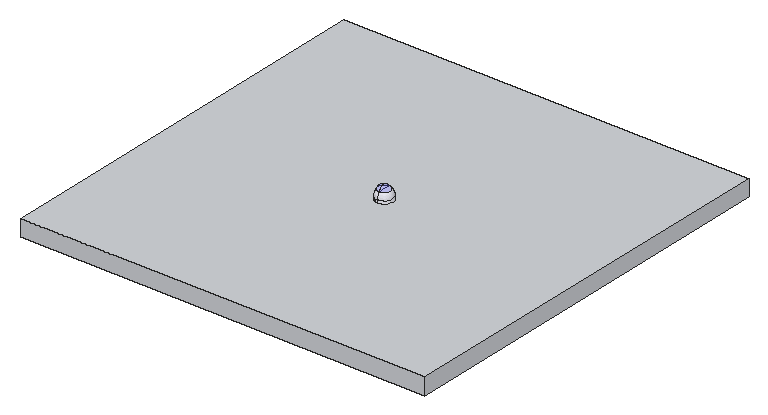
Revit family "BEG-92140", category Dispositifs d'éclairage, Revit 2015
Parameters
  Detection zone [instance] = yes
  Seat area [instance] = height position < 351 cm  # yes
  URL = "http://www.luxomat.com/en-92140"
  Type of output = "TOR"
  Ambiant temperature = "-25°C to +50°C"
  Ref = "92140"
  Relay = "10A"
  height position [instance] = 250 cm
  direct Range [instance] = height position * 3.2  # 800 cm
  transversal Range [instance] = height position * 9.6  # 2400 cm
  Modèle = "PD4/M 2C-SM surface mounting"
  Installation type = "Ceiling"
  Brand = "LUXOMAT"
  Image du type = 92580.jpg
  IP = "54"
  Mounting height max = Installation height max  # 350 cm
  Installation height max = 350 cm
  Fabricant = "B.E.G"
  Label [instance] = yes
  Default Elevation = 0 cm
  Consumption = "0,54W"
  Commentaires du type = "Occupancy detector PD4/M 2C-SM surface mounting"
  Code d'assemblage = "D5010200"
  Class = "2"
  Switching power LED = "300W"
  Switching power Cos ɸ =1 = "2300W"
  Switching power Cos ɸ =0.5 = "1150VA"
  Power voltage = "110-240 V AC"
  seated activity [instance] = height position * 2.56  # 640 cm
Reference planes (cm)
  plane 1 "Centre (avant/arrière)": y = 0
  plane 2: z = 0
  plane 3 "Centre (gauche/droite)": x = 0
Forms (cm)
  Extrusion 1, solid
    sketch origin (0, 0, 0) x (1, 0, 0) y (0, 1, 0)
      loop
        line (-121.92, 121.92) -> (-121.92, -121.92) -> (121.92, -121.92) -> (121.92, 121.92) -> (-121.92, 121.92)
    from 0 to -10
Dimensions and locks (cm)
  aligned and locked: plane 2 to Extrusion 1
  aligned and locked: level to Extrusion 1
  aligned and locked: nested 2 to plane 2
Nested families (cm)
  nested 1: "Famille1" at (0, -72.6659, 0) x (-1, 0, 0) z (0, 0, 1), reference <- "Ref", modele <- "Modèle", visible <- "Label", type "Famille1"
    with reference "92140", modele "PD4/M 2C-SM surface mounting"
  nested 2: "M14" at (0, 0, 0), type "Standard"
  nested 3: "zone H" at (0, 0, 0) x (-1, 0, 0) z (0, 0, 1), visible <- "Detection zone", Zone assise <- "Seat area", activité assise <- "seated activity", frontal <- "direct Range", biais <- "transversal Range", type "zone H"
    with position 2 320 cm, position 1 960 cm, frontal 800 cm, biais 2400 cm, activité assise 640 cm, Zone assise yes
  nested 4: "Plafond 360° 2D" at (0, 0, 0), type "Plafond 360° 2D"
Connectors (cm)
  electrical at (0, 0, 0)
    settings: on nested 2, index 1, voltage 240 V, apparent load 0 VA, apparent load phase1 0 VA, apparent load phase2 0 VA, apparent load phase3 0 VA, power factor 1, load classification "Eclairage", number of poles 1, system type 31, power factor state 1, is connector primary yes, connector utility no, sub classification motor no, connector description ""
Definition of nested family "M14"
  Reference planes (cm)
    plane 1 "Centre (avant/arrière)": y = 0
    plane 2: z = 0
    plane 3 "Centre (gauche/droite)": x = 0
    plane 4: x = 0
  Forms (cm)
    Revolve 1, solid
      sketch origin (0, 0, 0) x (0, -1, 0) y (0, 0, 1)
        loop
          line (0, 0) -> (0, 5) -> (-3.8, 5)
          arc (-3.8, 5) -> (-4.577, 3.2225) -> (-4.8363, 1.3) r 7
          line (-4.8363, 1.3) -> (-4.9363, 1.3) -> (-5.05, 0) -> (0, 0)
        axis (0, 0) -> (0, 5)
      angle from 0 to 360
    Revolve 2, solid
      sketch origin (0, 0, 0) x (0, -1, 0) y (0, 0, 1)
        loop
          arc (0, 7.6) -> (-2.2816, 6.8864) -> (-3.75, 5) r 4.0043
          line (-3.75, 5) -> (0, 5) -> (0, 7.6)
        axis (0, 5) -> (0, 7.6)
      angle from 0 to 360
  Lines and regions (cm)
    reference lines
      curve 1: line (0, 0, 0) -> (0, 0, 7.6)
      curve 2: line (0, 0, 5) -> (0, 3.8, 5)
      curve 3: arc (0, 3.8, 5) -> (0, 4.577, 3.2225) -> (0, 4.8363, 1.3) r 7
      curve 4: line (0, 4.9363, 1.3) -> (0, 4.8363, 1.3)
      curve 5: line (0, 5.05, 0) -> (0, 4.9363, 1.3)
      curve 6: line (0, 0, 0) -> (0, 5.05, 0)
      curve 7: arc (0, 0, 7.6) -> (0, 2.2816, 6.8864) -> (0, 3.75, 5) r 4.0043
      curve 8: line (0, 3.75, 5) -> (0, 0, 5)
      curve 9: line (0, 0, 7.6) -> (0, 0, 5)
      curve 10: line (0, 0, 0) -> (0, 0, 7.6)
  Dimensions and locks (cm)
    aligned and locked: level to plane 2
    aligned and locked: Revolve 1 sketch curve to curve 1  (x2)
    aligned and locked: Revolve 1 sketch curve to curve 2
    aligned and locked: Revolve 1 sketch curve to curve 3
    aligned and locked: Revolve 1 sketch curve to curve 4
    aligned and locked: Revolve 1 sketch curve to curve 5
    aligned and locked: Revolve 1 sketch curve to curve 6
    aligned and locked: Revolve 2 sketch curve to curve 7
    aligned and locked: Revolve 2 sketch curve to curve 8
    aligned and locked: Revolve 2 sketch curve to curve 9
    aligned and locked: Revolve 2 sketch curve to curve 10
Definition of nested family "Famille1"
  Parameters (values of type "Famille1")
    reference [instance] = ""
    modele [instance] = ""
  Reference planes (cm)
    plane 1: y = 0
    plane 2: x = 0
  Text (cm)
    label "reference\n\nmodele" at (0.0074, 0.0451, 0), shows "reference", "modele"
Definition of nested family "zone H"
  Parameters (values of type "zone H")
    position 2 [instance] = (frontal / 2) * 0.8  # 320 cm
    position 1 [instance] = (biais / 2) * 0.8  # 960 cm
    frontal [instance] = 800 cm
    biais [instance] = 2400 cm
    activité assise [instance] = 640 cm
    Zone assise [instance] = yes
  Reference planes (cm)
    plane 1 "Centre (avant/arrière)": y = 0
    plane 2: z = 0
    plane 3 "Centre (gauche/droite)": x = 0
    plane 4: x = -960
    plane 5: y = -320
  Lines and regions (cm)
    detail lines, in view "Niveau de réf.", visible <- "Zone assise"
      curve 1: circle (0, 0, 0) r 320 normal (0, 0, 1)
      curve 4: spline (-105.2767, 3.2118, 0) -> (-104.9106, 3.0586, 0) -> (-103.8375, 2.9158, 0) -> (-102.1303, 2.7932, 0) -> (-99.9055, 2.6991, 0) -> (-97.3146, 2.6399, 0) -> (-94.5343, 2.6198, 0) -> (-91.7539, 2.6399, 0) -> (-89.163, 2.6991, 0) -> (-86.9382, 2.7932, 0) -> (-85.231, 2.9158, 0) -> (-84.1579, 3.0586, 0) -> (-83.7918, 3.2118, 0) -> (-84.1579, 3.365, 0) -> (-85.231, 3.5078, 0) -> (-86.9382, 3.6305, 0) -> (-89.163, 3.7245, 0) -> (-91.7539, 3.7837, 0) -> (-94.5343, 3.8039, 0) -> (-97.3146, 3.7837, 0) -> (-99.9055, 3.7245, 0) -> (-102.1303, 3.6305, 0) -> (-103.8375, 3.5078, 0) -> (-104.9106, 3.365, 0) -> (-105.2767, 3.2118, 0)
      curve 5: line (-105.2767, 3.2118, 0) -> (-103.7271, 3.5181, 0)
      curve 6: arc (-102.6495, -16.5888, 0) -> (-107.2915, -17.186, 0) -> (-111.6311, -18.9388, 0) r 18.3388
      curve 7: arc (-111.6311, -18.9388, 0) -> (-111.6982, -19.0046, 0) -> (-111.7229, -19.0953, 0) r 0.1799
      curve 8: arc (-102.4571, -17.1805, 0) -> (-106.7473, -17.5804, 0) -> (-110.8538, -18.8852, 0) r 20.1051
      curve 9: arc (-110.8538, -18.8852, 0) -> (-111.0396, -18.979, 0) -> (-111.2122, -19.0953, 0) r 1.6679
      curve 10: circle (-111.4676, -19.8292, 0) r 0.5096 normal (0, 0, 1)
      curve 11: arc (-110.898, -19.8292, 0) -> (-111.4676, -19.2597, 0) -> (-112.0372, -19.8292, 0) r 0.5696
      curve 12: arc (-110.838, -19.8292, 0) -> (-111.4676, -19.1997, 0) -> (-112.0972, -19.8292, 0) r 0.6296
      curve 13: arc (-86.4191, -16.5888, 0) -> (-81.7771, -17.186, 0) -> (-77.4374, -18.9388, 0) r 18.3388
      curve 14: arc (-77.4374, -18.9388, 0) -> (-77.3704, -19.0046, 0) -> (-77.3456, -19.0953, 0) r 0.1799
      curve 15: arc (-86.6114, -17.1805, 0) -> (-82.3212, -17.5804, 0) -> (-78.2147, -18.8852, 0) r 20.1051
      curve 16: arc (-78.2147, -18.8852, 0) -> (-78.0289, -18.979, 0) -> (-77.8563, -19.0953, 0) r 1.6679
      curve 17: circle (-77.6009, -19.8292, 0) r 0.5096 normal (0, 0, 1)
      curve 18: arc (-77.0314, -19.8292, 0) -> (-77.6009, -19.2597, 0) -> (-78.1705, -19.8292, 0) r 0.5696
      curve 19: arc (-76.9714, -19.8292, 0) -> (-77.6009, -19.1997, 0) -> (-78.2305, -19.8292, 0) r 0.6296
      curve 20: arc (-95.2593, -16.5888, 0) -> (-98.9871, -17.441, 0) -> (-102.5056, -18.9388, 0) r 21.5424
      curve 21: arc (-102.5056, -18.9388, 0) -> (-102.5726, -19.0046, 0) -> (-102.5974, -19.0953, 0) r 0.1799
      curve 22: arc (-95.2593, -17.1805, 0) -> (-98.5536, -17.8061, 0) -> (-101.7283, -18.8852, 0) r 23.9713
      curve 23: arc (-101.7283, -18.8852, 0) -> (-101.911, -18.9772, 0) -> (-102.081, -19.0909, 0) r 1.6679
      curve 24: arc (-95.0229, -17.1805, 0) -> (-98.2689, -17.8294, 0) -> (-101.4063, -18.8852, 0) r 26.0219
      curve 25: arc (-101.4063, -18.8852, 0) -> (-101.592, -18.979, 0) -> (-101.7647, -19.0953, 0) r 1.6679
      curve 26: circle (-102.181, -19.8292, 0) r 0.5096 normal (0, 0, 1)
      curve 27: arc (-101.6114, -19.8292, 0) -> (-102.181, -19.2597, 0) -> (-102.7506, -19.8292, 0) r 0.5696
      curve 28: arc (-101.5514, -19.8292, 0) -> (-102.181, -19.1997, 0) -> (-102.8106, -19.8292, 0) r 0.6296
      curve 29: arc (-93.8092, -16.5888, 0) -> (-90.0814, -17.441, 0) -> (-86.5629, -18.9388, 0) r 21.5424
      curve 30: arc (-86.5629, -18.9388, 0) -> (-86.4959, -19.0046, 0) -> (-86.4711, -19.0953, 0) r 0.1799
      curve 31: arc (-93.8092, -17.1805, 0) -> (-90.5149, -17.8061, 0) -> (-87.3402, -18.8852, 0) r 23.9713
      curve 32: arc (-87.3402, -18.8852, 0) -> (-87.1544, -18.979, 0) -> (-86.9818, -19.0953, 0) r 1.6679
      curve 33: arc (-94.0457, -17.1805, 0) -> (-90.7996, -17.8294, 0) -> (-87.6622, -18.8852, 0) r 26.0219
      curve 34: arc (-87.6622, -18.8852, 0) -> (-87.4765, -18.979, 0) -> (-87.3039, -19.0953, 0) r 1.6679
      curve 35: circle (-86.8875, -19.8292, 0) r 0.5096 normal (0, 0, 1)
      curve 36: arc (-86.3179, -19.8292, 0) -> (-86.8875, -19.2597, 0) -> (-87.4571, -19.8292, 0) r 0.5696
      curve 37: arc (-86.2579, -19.8292, 0) -> (-86.8875, -19.1997, 0) -> (-87.5171, -19.8292, 0) r 0.6296
      curve 38: arc (-103.0079, 8.8705, 0) -> (-101.8776, 5.8173, 0) -> (-98.8653, 4.5819, 0) r 4.0512
      curve 39: arc (-83.7186, 4.2269, 0) -> (-82.9538, 3.7817, 0) -> (-82.7946, 2.9112, 0) r 1.0582
      curve 40: arc (-82.7946, 2.9112, 0) -> (-84.0889, -6.227, 0) -> (-84.0703, -15.4564, 0) r 64.7189
      curve 41: arc (-84.0703, -15.4564, 0) -> (-83.933, -16.0031, 0) -> (-83.4527, -16.2981, 0) r 0.7467
      curve 42: arc (-83.4527, -16.2981, 0) -> (-80.3714, -16.8717, 0) -> (-77.238, -16.9405, 0) r 19.3577
      curve 43: arc (-77.238, -16.9405, 0) -> (-77.6363, -16.4391, 0) -> (-78.2461, -16.244, 0) r 1.1013
      curve 44: arc (-78.2461, -16.244, 0) -> (-80.4274, -15.8096, 0) -> (-82.5587, -15.1742, 0) r 23.8747
      curve 45: arc (-82.5587, -15.1742, 0) -> (-81.6045, -6.5488, 0) -> (-80.848, 2.0961, 0) r 379.1961
      curve 46: arc (-80.848, 2.0961, 0) -> (-81.0708, 4.8418, 0) -> (-83.0581, 6.7494, 0) r 3.8846
      curve 47: arc (-83.0581, 6.7494, 0) -> (-89.2141, 8.8147, 0) -> (-95.6542, 9.6431, 0) r 33.2193
      curve 48: arc (-95.6542, 9.6431, 0) -> (-94.8516, 17.305, 0) -> (-94.8609, 25.0089, 0) r 72.9952
      curve 49: arc (-95.1116, 28.28, 0) -> (-95.2196, 29.2958, 0) -> (-95.3418, 30.31, 0) r 72.9952
      curve 50: arc (-98.1747, 30.0752, 0) -> (-100.3426, 29.2913, 0) -> (-99.4886, 27.1501, 0) r 1.6042
      curve 51: arc (-95.3418, 30.31, 0) -> (-98.7298, 32.2574, 0) -> (-102.1179, 30.31, 0) r 3.9209
      curve 52: arc (-68.8418, 20.3177, 0) -> (-68.8537, 20.2265, 0) -> (-68.9411, 20.2549, 0) r 0.0597
      curve 53: arc (-70.9776, 20.5408, 0) -> (-70.9496, 20.3832, 0) -> (-71.1082, 20.3621, 0) r 0.1108
      curve 54: spline (-98.8908, 41.6409, 0) -> (-97.9793, 41.5103, 0) -> (-97.1229, 41.0855, 0) -> (-96.38, 40.3954, 0) -> (-95.8012, 39.4871, 0) -> (-95.426, 38.4224, 0) -> (-95.2799, 37.274, 0) -> (-95.3728, 36.12, 0) -> (-95.6985, 35.0392, 0) -> (-96.2348, 34.1051, 0) -> (-96.945, 33.3815, 0) -> (-97.7809, 32.9176, 0) -> (-98.6854, 32.7451, 0) -> (-99.5969, 32.8757, 0) -> (-100.4532, 33.3005, 0) -> (-101.1961, 33.9906, 0) -> (-101.7749, 34.8989, 0) -> (-102.1502, 35.9636, 0) -> (-102.2963, 37.112, 0) -> (-102.2033, 38.266, 0) -> (-101.8776, 39.3468, 0) -> (-101.3414, 40.2809, 0) -> (-100.6311, 41.0045, 0) -> (-99.7953, 41.4684, 0) -> (-98.8908, 41.6409, 0)
      curve 55: line (-74.1608, -20.3388, 0) -> (-33.3759, -20.3388, 0)
      curve 56: line (-33.3759, -20.3388, 0) -> (-33.3759, 18.6681, 0)
      curve 57: line (-33.3759, 18.6681, 0) -> (-74.1608, 18.6681, 0)
      curve 58: line (-74.1608, 18.6681, 0) -> (-74.1608, -20.3388, 0)
      curve 59: line (-74.1608, -20.3388, 0) -> (-120.7181, -20.3388, 0)
      curve 60: line (-80.1025, 18.6681, 0) -> (-27.4342, 18.6681, 0)
      curve 61: line (-27.4342, 18.6681, 0) -> (-27.4342, 20.1345, 0)
      curve 62: line (-27.4342, 20.1345, 0) -> (-80.1025, 20.1345, 0)
      curve 63: line (-80.1025, 20.1345, 0) -> (-80.1025, 18.6681, 0)
      curve 64: line (-95.5223, 2.6198, 0) -> (-93.5462, 2.6198, 0)
      curve 65: line (-93.5462, 2.6198, 0) -> (-93.5462, -16.5888, 0)
      curve 66: line (-93.5462, -16.5888, 0) -> (-95.5223, -16.5888, 0)
      curve 67: line (-95.5223, -16.5888, 0) -> (-95.5223, 2.6198, 0)
      curve 68: line (-95.5223, -16.5888, 0) -> (-102.6495, -16.5888, 0)
      curve 69: line (-111.7229, -19.0953, 0) -> (-111.2122, -19.0953, 0)
      curve 70: line (-93.8092, -16.5888, 0) -> (-94.0457, -17.1805, 0)
      curve 71: line (-94.0457, -17.1805, 0) -> (-93.8092, -17.1805, 0)
      curve 72: line (-93.8092, -17.1805, 0) -> (-94.5343, -17.1805, 0)
      curve 73: line (-94.5343, -17.1805, 0) -> (-95.2593, -17.1805, 0)
      curve 74: line (-95.2593, -17.1805, 0) -> (-95.0229, -17.1805, 0)
      curve 75: line (-95.0229, -17.1805, 0) -> (-95.2593, -16.5888, 0)
      curve 76: line (-98.1226, -17.1805, 0) -> (-102.4571, -17.1805, 0)
      curve 77: line (-112.0372, -19.8292, 0) -> (-112.0972, -19.8292, 0)
      curve 78: line (-110.898, -19.8292, 0) -> (-110.838, -19.8292, 0)
      curve 79: line (-111.3676, -19.2076, 0) -> (-111.3676, -19.0953, 0)
      curve 80: line (-111.5676, -19.2076, 0) -> (-111.5676, -19.0953, 0)
      curve 81: line (-93.5462, -16.5888, 0) -> (-86.4191, -16.5888, 0)
      curve 82: line (-77.3456, -19.0953, 0) -> (-77.8563, -19.0953, 0)
      curve 83: line (-90.9459, -17.1805, 0) -> (-86.6114, -17.1805, 0)
      curve 84: line (-77.0314, -19.8292, 0) -> (-76.9714, -19.8292, 0)
      curve 85: line (-78.1705, -19.8292, 0) -> (-78.2305, -19.8292, 0)
      curve 86: line (-77.7009, -19.2076, 0) -> (-77.7009, -19.0953, 0)
      curve 87: line (-77.5009, -19.2076, 0) -> (-77.5009, -19.0953, 0)
      curve 88: line (-102.5974, -19.0953, 0) -> (-101.7647, -19.0953, 0)
      curve 89: line (-102.7506, -19.8292, 0) -> (-102.8106, -19.8292, 0)
      curve 90: line (-101.6114, -19.8292, 0) -> (-101.5514, -19.8292, 0)
      curve 91: line (-102.081, -19.2076, 0) -> (-102.081, -19.0909, 0)
      curve 92: line (-102.281, -19.2076, 0) -> (-102.281, -19.0953, 0)
      curve 93: line (-86.4711, -19.0953, 0) -> (-87.3039, -19.0953, 0)
      curve 94: line (-86.3179, -19.8292, 0) -> (-86.2579, -19.8292, 0)
      curve 95: line (-87.4571, -19.8292, 0) -> (-87.5171, -19.8292, 0)
      curve 96: line (-86.9875, -19.2076, 0) -> (-86.9875, -19.0953, 0)
      curve 97: line (-86.7875, -19.2076, 0) -> (-86.7875, -19.0953, 0)
      curve 98: line (-98.8653, 4.5819, 0) -> (-83.7186, 4.2269, 0)
      curve 99: line (-103.0079, 8.8705, 0) -> (-102.1179, 30.31, 0)
      curve 100: line (-98.1747, 30.0752, 0) -> (-85.3255, 22.5448, 0)
      curve 101: line (-85.3255, 22.5448, 0) -> (-74.2929, 21.667, 0)
      curve 102: line (-74.2929, 21.667, 0) -> (-71.6033, 21.7219, 0)
      curve 103: line (-71.6033, 21.7219, 0) -> (-69.7371, 21.2829, 0)
      curve 104: line (-69.7371, 21.2829, 0) -> (-68.8418, 20.3177, 0)
      curve 105: line (-68.9411, 20.2549, 0) -> (-69.7808, 21.0896, 0)
      curve 106: line (-69.7808, 21.0896, 0) -> (-71.6115, 21.2989, 0)
      curve 107: line (-71.6115, 21.2989, 0) -> (-72.0159, 21.0248, 0)
      curve 108: line (-72.0159, 21.0248, 0) -> (-70.9776, 20.5408, 0)
      curve 109: line (-71.1082, 20.3621, 0) -> (-72.6656, 20.8949, 0)
      curve 110: line (-72.6656, 20.8949, 0) -> (-74.496, 20.6558, 0)
      curve 111: line (-74.496, 20.6558, 0) -> (-86.0144, 20.9158, 0)
      curve 112: line (-86.0144, 20.9158, 0) -> (-99.4886, 27.1501, 0)
      curve 113: line (-99.8644, 32.9741, 0) -> (-99.9944, 32.0479, 0)
      curve 114: line (-97.5142, 33.0301, 0) -> (-97.3718, 32.0147, 0)
      curve 115: line (-33.3759, -20.3388, 0) -> (-21.8014, -20.3388, 0)
    detail lines, in view "Niveau de réf."
      curve 2: circle (0, 0, 0) r 400 normal (0, 0, 1)
      curve 3: circle (0, 0, 0) r 1200 normal (0, 0, 1)
      curve 116: spline (2.3068, -347.7265, 0) -> (4.0856, -347.3949, 0) -> (5.7432, -346.4226, 0) -> (7.1667, -344.876, 0) -> (8.2589, -342.8603, 0) -> (8.9455, -340.5131, 0) -> (9.1797, -337.9942, 0) -> (8.9455, -335.4753, 0) -> (8.2589, -333.1281, 0) -> (7.1667, -331.1125, 0) -> (5.7432, -329.5658, 0) -> (4.0856, -328.5936, 0) -> (2.3068, -328.262, 0) -> (0.5279, -328.5936, 0) -> (-1.1297, -329.5658, 0) -> (-2.5531, -331.1125, 0) -> (-3.6453, -333.1281, 0) -> (-4.3319, -335.4753, 0) -> (-4.5661, -337.9942, 0) -> (-4.3319, -340.5131, 0) -> (-3.6453, -342.8603, 0) -> (-2.5531, -344.876, 0) -> (-1.1297, -346.4226, 0) -> (0.5279, -347.3949, 0) -> (2.3068, -347.7265, 0)
      curve 117: line (-4.7649, -335.0929, 0) -> (0.5136, -347.9212, 0)
      curve 118: line (3.5648, -348.0775, 0) -> (9.2455, -334.5266, 0)
      curve 119: line (-0.3759, -328.4588, 0) -> (-3.0011, -330.8806, 0)
      curve 120: line (3.5053, -348.5045, 0) -> (6.62, -348.3756, 0)
      curve 121: line (1.7304, -348.3525, 0) -> (3.5053, -348.5045, 0)
      curve 122: line (-4.7649, -335.0929, 0) -> (0.5136, -347.9212, 0)
      curve 123: line (-21.1936, -335.3894, 0) -> (-24.4202, -337.3623, 0)
      curve 124: line (-21.1936, -335.3894, 0) -> (-24.4202, -337.3623, 0)
      curve 125: line (-0.3759, -328.4588, 0) -> (-3.0011, -330.8806, 0)
      curve 126: line (1.7304, -348.3525, 0) -> (6.62, -348.3756, 0)
      curve 127: line (3.5648, -348.0775, 0) -> (9.2455, -334.5266, 0)
      curve 128: line (0, -320, 0) -> (0, -289.0788, 0)
      curve 129: line (0, -289.0788, 0) -> (0, -280.7814, 0)
      curve 130: spline (-957.6932, -27.7265, 0) -> (-955.9144, -27.3949, 0) -> (-954.2568, -26.4226, 0) -> (-952.8333, -24.876, 0) -> (-951.7411, -22.8603, 0) -> (-951.0545, -20.5131, 0) -> (-950.8203, -17.9942, 0) -> (-951.0545, -15.4753, 0) -> (-951.7411, -13.1281, 0) -> (-952.8333, -11.1125, 0) -> (-954.2568, -9.5658, 0) -> (-955.9144, -8.5936, 0) -> (-957.6932, -8.262, 0) -> (-959.4721, -8.5936, 0) -> (-961.1297, -9.5658, 0) -> (-962.5531, -11.1125, 0) -> (-963.6453, -13.1281, 0) -> (-964.3319, -15.4753, 0) -> (-964.5661, -17.9942, 0) -> (-964.3319, -20.5131, 0) -> (-963.6453, -22.8603, 0) -> (-962.5531, -24.876, 0) -> (-961.1297, -26.4226, 0) -> (-959.4721, -27.3949, 0) -> (-957.6932, -27.7265, 0)
      curve 131: line (-964.7649, -15.0929, 0) -> (-959.4864, -27.9212, 0)
      curve 132: line (-956.4352, -28.0775, 0) -> (-950.7545, -14.5266, 0)
      curve 133: line (-960.3759, -8.4588, 0) -> (-963.0011, -10.8806, 0)
      curve 134: line (-956.4947, -28.5045, 0) -> (-953.38, -28.3756, 0)
      curve 135: line (-958.2696, -28.3525, 0) -> (-956.4947, -28.5045, 0)
      curve 136: line (-964.7649, -15.0929, 0) -> (-959.4864, -27.9212, 0)
      curve 137: line (-981.1936, -15.3894, 0) -> (-984.4202, -17.3623, 0)
      curve 138: line (-981.1936, -15.3894, 0) -> (-984.4202, -17.3623, 0)
      curve 139: line (-960.3759, -8.4588, 0) -> (-963.0011, -10.8806, 0)
      curve 140: line (-958.2696, -28.3525, 0) -> (-953.38, -28.3756, 0)
      curve 141: line (-956.4352, -28.0775, 0) -> (-950.7545, -14.5266, 0)
      curve 142: line (-960, 0, 0) -> (-960, 30.9212, 0)
      curve 143: line (-960, 30.9212, 0) -> (-960, 39.2186, 0)
    detail lines, in view "Niveau de réf.", visible <- "Zone assise", not visible
      curve 144: spline (925.976, -22.5654, 0) -> (926.342, -22.7186, 0) -> (927.4152, -22.8614, 0) -> (929.1224, -22.984, 0) -> (931.3472, -23.0781, 0) -> (933.938, -23.1373, 0) -> (936.7184, -23.1574, 0) -> (939.4987, -23.1373, 0) -> (942.0896, -23.0781, 0) -> (944.3144, -22.984, 0) -> (946.0216, -22.8614, 0) -> (947.0948, -22.7186, 0) -> (947.4608, -22.5654, 0) -> (947.0948, -22.4122, 0) -> (946.0216, -22.2694, 0) -> (944.3144, -22.1467, 0) -> (942.0896, -22.0527, 0) -> (939.4987, -21.9935, 0) -> (936.7184, -21.9733, 0) -> (933.938, -21.9935, 0) -> (931.3472, -22.0527, 0) -> (929.1224, -22.1467, 0) -> (927.4152, -22.2694, 0) -> (926.342, -22.4122, 0) -> (925.976, -22.5654, 0)
      curve 145: line (925.976, -22.5654, 0) -> (927.5256, -22.2591, 0)
      curve 146: arc (928.6032, -42.366, 0) -> (923.9612, -42.9632, 0) -> (919.6215, -44.716, 0) r 18.3388
      curve 147: arc (919.6215, -44.716, 0) -> (919.5545, -44.7818, 0) -> (919.5297, -44.8725, 0) r 0.1799
      curve 148: arc (928.7956, -42.9577, 0) -> (924.5053, -43.3576, 0) -> (920.3988, -44.6624, 0) r 20.1051
      curve 149: arc (920.3988, -44.6624, 0) -> (920.213, -44.7562, 0) -> (920.0404, -44.8725, 0) r 1.6679
      curve 150: circle (919.7851, -45.6065, 0) r 0.5096 normal (0, 0, 1)
      curve 151: arc (920.3547, -45.6065, 0) -> (919.7851, -45.0369, 0) -> (919.2155, -45.6065, 0) r 0.5696
      curve 152: arc (920.4147, -45.6065, 0) -> (919.7851, -44.9769, 0) -> (919.1555, -45.6065, 0) r 0.6296
      curve 153: arc (944.8336, -42.366, 0) -> (949.4756, -42.9632, 0) -> (953.8152, -44.716, 0) r 18.3388
      curve 154: arc (953.8152, -44.716, 0) -> (953.8823, -44.7818, 0) -> (953.907, -44.8725, 0) r 0.1799
      curve 155: arc (944.6412, -42.9577, 0) -> (948.9315, -43.3576, 0) -> (953.038, -44.6624, 0) r 20.1051
      curve 156: arc (953.038, -44.6624, 0) -> (953.2237, -44.7562, 0) -> (953.3964, -44.8725, 0) r 1.6679
      curve 157: circle (953.6517, -45.6065, 0) r 0.5096 normal (0, 0, 1)
      curve 158: arc (954.2213, -45.6065, 0) -> (953.6517, -45.0369, 0) -> (953.0821, -45.6065, 0) r 0.5696
      curve 159: arc (954.2813, -45.6065, 0) -> (953.6517, -44.9769, 0) -> (953.0221, -45.6065, 0) r 0.6296
      curve 160: arc (935.9933, -42.366, 0) -> (932.2655, -43.2182, 0) -> (928.7471, -44.716, 0) r 21.5424
      curve 161: arc (928.7471, -44.716, 0) -> (928.68, -44.7818, 0) -> (928.6553, -44.8725, 0) r 0.1799
      curve 162: arc (935.9933, -42.9577, 0) -> (932.6991, -43.5833, 0) -> (929.5243, -44.6624, 0) r 23.9713
      curve 163: arc (929.5243, -44.6624, 0) -> (929.3417, -44.7544, 0) -> (929.1716, -44.8681, 0) r 1.6679
      curve 164: arc (936.2298, -42.9577, 0) -> (932.9838, -43.6066, 0) -> (929.8464, -44.6624, 0) r 26.0219
      curve 165: arc (929.8464, -44.6624, 0) -> (929.6606, -44.7562, 0) -> (929.488, -44.8725, 0) r 1.6679
      curve 166: circle (929.0716, -45.6065, 0) r 0.5096 normal (0, 0, 1)
      curve 167: arc (929.6412, -45.6065, 0) -> (929.0716, -45.0369, 0) -> (928.502, -45.6065, 0) r 0.5696
      curve 168: arc (929.7012, -45.6065, 0) -> (929.0716, -44.9769, 0) -> (928.442, -45.6065, 0) r 0.6296
      curve 169: arc (937.4435, -42.366, 0) -> (941.1713, -43.2182, 0) -> (944.6897, -44.716, 0) r 21.5424
      curve 170: arc (944.6897, -44.716, 0) -> (944.7568, -44.7818, 0) -> (944.7815, -44.8725, 0) r 0.1799
      curve 171: arc (937.4435, -42.9577, 0) -> (940.7377, -43.5833, 0) -> (943.9124, -44.6624, 0) r 23.9713
      curve 172: arc (943.9124, -44.6624, 0) -> (944.0982, -44.7562, 0) -> (944.2708, -44.8725, 0) r 1.6679
      curve 173: arc (937.207, -42.9577, 0) -> (940.453, -43.6066, 0) -> (943.5904, -44.6624, 0) r 26.0219
      curve 174: arc (943.5904, -44.6624, 0) -> (943.7762, -44.7562, 0) -> (943.9488, -44.8725, 0) r 1.6679
      curve 175: circle (944.3651, -45.6065, 0) r 0.5096 normal (0, 0, 1)
      curve 176: arc (944.9347, -45.6065, 0) -> (944.3651, -45.0369, 0) -> (943.7956, -45.6065, 0) r 0.5696
      curve 177: arc (944.9947, -45.6065, 0) -> (944.3651, -44.9769, 0) -> (943.7356, -45.6065, 0) r 0.6296
      curve 178: arc (928.2447, -16.9067, 0) -> (929.3751, -19.9599, 0) -> (932.3873, -21.1953, 0) r 4.0512
      curve 179: arc (947.5341, -21.5503, 0) -> (948.2989, -21.9955, 0) -> (948.4581, -22.866, 0) r 1.0582
      curve 180: arc (948.4581, -22.866, 0) -> (947.1637, -32.0042, 0) -> (947.1824, -41.2336, 0) r 64.7189
      curve 181: arc (947.1824, -41.2336, 0) -> (947.3196, -41.7803, 0) -> (947.8, -42.0753, 0) r 0.7467
      curve 182: arc (947.8, -42.0753, 0) -> (950.8812, -42.6489, 0) -> (954.0146, -42.7177, 0) r 19.3577
      curve 183: arc (954.0146, -42.7177, 0) -> (953.6164, -42.2163, 0) -> (953.0065, -42.0212, 0) r 1.1013
      curve 184: arc (953.0065, -42.0212, 0) -> (950.8253, -41.5868, 0) -> (948.6939, -40.9514, 0) r 23.8747
      curve 185: arc (948.6939, -40.9514, 0) -> (949.6481, -32.326, 0) -> (950.4047, -23.6811, 0) r 379.1961
      curve 186: arc (950.4047, -23.6811, 0) -> (950.1819, -20.9354, 0) -> (948.1945, -19.0278, 0) r 3.8846
      curve 187: arc (948.1945, -19.0278, 0) -> (942.0386, -16.9625, 0) -> (935.5985, -16.1341, 0) r 33.2193
      curve 188: arc (935.5985, -16.1341, 0) -> (936.4011, -8.4722, 0) -> (936.3918, -0.7683, 0) r 72.9952
      curve 189: arc (936.1411, 2.5028, 0) -> (936.0331, 3.5186, 0) -> (935.9108, 4.5328, 0) r 72.9952
      curve 190: arc (933.0779, 4.298, 0) -> (930.9101, 3.5141, 0) -> (931.7641, 1.3729, 0) r 1.6042
      curve 191: arc (935.9108, 4.5328, 0) -> (932.5228, 6.4802, 0) -> (929.1348, 4.5328, 0) r 3.9209
      curve 192: arc (962.4108, -5.4595, 0) -> (962.3989, -5.5507, 0) -> (962.3115, -5.5223, 0) r 0.0597
      curve 193: arc (960.275, -5.2364, 0) -> (960.303, -5.394, 0) -> (960.1444, -5.4151, 0) r 0.1108
      curve 194: spline (932.3619, 15.8637, 0) -> (933.2734, 15.7331, 0) -> (934.1297, 15.3083, 0) -> (934.8726, 14.6182, 0) -> (935.4514, 13.7099, 0) -> (935.8267, 12.6452, 0) -> (935.9728, 11.4968, 0) -> (935.8798, 10.3428, 0) -> (935.5541, 9.262, 0) -> (935.0179, 8.3279, 0) -> (934.3076, 7.6043, 0) -> (933.4718, 7.1404, 0) -> (932.5673, 6.9679, 0) -> (931.6558, 7.0985, 0) -> (930.7994, 7.5233, 0) -> (930.0565, 8.2134, 0) -> (929.4777, 9.1217, 0) -> (929.1025, 10.1864, 0) -> (928.9564, 11.3348, 0) -> (929.0493, 12.4888, 0) -> (929.375, 13.5696, 0) -> (929.9113, 14.5037, 0) -> (930.6215, 15.2273, 0) -> (931.4574, 15.6912, 0) -> (932.3619, 15.8637, 0)
      curve 195: line (957.0918, -46.116, 0) -> (997.8768, -46.116, 0)
      curve 196: line (997.8768, -46.116, 0) -> (997.8768, -7.1091, 0)
      curve 197: line (997.8768, -7.1091, 0) -> (957.0918, -7.1091, 0)
      curve 198: line (957.0918, -7.1091, 0) -> (957.0918, -46.116, 0)
      curve 199: line (957.0918, -46.116, 0) -> (910.5345, -46.116, 0)
      curve 200: line (951.1501, -7.1091, 0) -> (1003.8185, -7.1091, 0)
      curve 201: line (1003.8185, -7.1091, 0) -> (1003.8185, -5.6427, 0)
      curve 202: line (1003.8185, -5.6427, 0) -> (951.1501, -5.6427, 0)
      curve 203: line (951.1501, -5.6427, 0) -> (951.1501, -7.1091, 0)
      curve 204: line (935.7304, -23.1574, 0) -> (937.7064, -23.1574, 0)
      curve 205: line (937.7064, -23.1574, 0) -> (937.7064, -42.366, 0)
      curve 206: line (937.7064, -42.366, 0) -> (935.7304, -42.366, 0)
      curve 207: line (935.7304, -42.366, 0) -> (935.7304, -23.1574, 0)
      curve 208: line (935.7304, -42.366, 0) -> (928.6032, -42.366, 0)
      curve 209: line (919.5297, -44.8725, 0) -> (920.0404, -44.8725, 0)
      curve 210: line (937.4435, -42.366, 0) -> (937.207, -42.9577, 0)
      curve 211: line (937.207, -42.9577, 0) -> (937.4435, -42.9577, 0)
      curve 212: line (937.4435, -42.9577, 0) -> (936.7184, -42.9577, 0)
      curve 213: line (936.7184, -42.9577, 0) -> (935.9933, -42.9577, 0)
      curve 214: line (935.9933, -42.9577, 0) -> (936.2298, -42.9577, 0)
      curve 215: line (936.2298, -42.9577, 0) -> (935.9933, -42.366, 0)
      curve 216: line (933.13, -42.9577, 0) -> (928.7956, -42.9577, 0)
      curve 217: line (919.2155, -45.6065, 0) -> (919.1555, -45.6065, 0)
      curve 218: line (920.3547, -45.6065, 0) -> (920.4147, -45.6065, 0)
      curve 219: line (919.8851, -44.9848, 0) -> (919.8851, -44.8725, 0)
      curve 220: line (919.6851, -44.9848, 0) -> (919.6851, -44.8725, 0)
      curve 221: line (937.7064, -42.366, 0) -> (944.8336, -42.366, 0)
      curve 222: line (953.907, -44.8725, 0) -> (953.3964, -44.8725, 0)
      curve 223: line (940.3068, -42.9577, 0) -> (944.6412, -42.9577, 0)
      curve 224: line (954.2213, -45.6065, 0) -> (954.2813, -45.6065, 0)
      curve 225: line (953.0821, -45.6065, 0) -> (953.0221, -45.6065, 0)
      curve 226: line (953.5517, -44.9848, 0) -> (953.5517, -44.8725, 0)
      curve 227: line (953.7517, -44.9848, 0) -> (953.7517, -44.8725, 0)
      curve 228: line (928.6553, -44.8725, 0) -> (929.488, -44.8725, 0)
      curve 229: line (928.502, -45.6065, 0) -> (928.442, -45.6065, 0)
      curve 230: line (929.6412, -45.6065, 0) -> (929.7012, -45.6065, 0)
      curve 231: line (929.1716, -44.9848, 0) -> (929.1716, -44.8681, 0)
      curve 232: line (928.9716, -44.9848, 0) -> (928.9716, -44.8725, 0)
      curve 233: line (944.7815, -44.8725, 0) -> (943.9488, -44.8725, 0)
      curve 234: line (944.9347, -45.6065, 0) -> (944.9947, -45.6065, 0)
      curve 235: line (943.7956, -45.6065, 0) -> (943.7356, -45.6065, 0)
      curve 236: line (944.2651, -44.9848, 0) -> (944.2651, -44.8725, 0)
      curve 237: line (944.4651, -44.9848, 0) -> (944.4651, -44.8725, 0)
      curve 238: line (932.3873, -21.1953, 0) -> (947.5341, -21.5503, 0)
      curve 239: line (928.2447, -16.9067, 0) -> (929.1348, 4.5328, 0)
      curve 240: line (933.0779, 4.298, 0) -> (945.9271, -3.2324, 0)
      curve 241: line (945.9271, -3.2324, 0) -> (956.9598, -4.1102, 0)
      curve 242: line (956.9598, -4.1102, 0) -> (959.6493, -4.0553, 0)
      curve 243: line (959.6493, -4.0553, 0) -> (961.5155, -4.4943, 0)
      curve 244: line (961.5155, -4.4943, 0) -> (962.4108, -5.4595, 0)
      curve 245: line (962.3115, -5.5223, 0) -> (961.4719, -4.6876, 0)
      curve 246: line (961.4719, -4.6876, 0) -> (959.6412, -4.4783, 0)
      curve 247: line (959.6412, -4.4783, 0) -> (959.2367, -4.7524, 0)
      curve 248: line (959.2367, -4.7524, 0) -> (960.275, -5.2364, 0)
      curve 249: line (960.1444, -5.4151, 0) -> (958.5871, -4.8823, 0)
      curve 250: line (958.5871, -4.8823, 0) -> (956.7566, -5.1214, 0)
      curve 251: line (956.7566, -5.1214, 0) -> (945.2383, -4.8614, 0)
      curve 252: line (945.2383, -4.8614, 0) -> (931.7641, 1.3729, 0)
      curve 253: line (931.3882, 7.1969, 0) -> (931.2583, 6.2707, 0)
      curve 254: line (933.7384, 7.2529, 0) -> (933.8809, 6.2375, 0)
      curve 255: line (997.8768, -46.116, 0) -> (1009.4512, -46.116, 0)
    detail lines, in view "Niveau de réf.", not visible
      curve 256: spline (630.3724, -48.277, 0) -> (632.1512, -47.9453, 0) -> (633.8088, -46.9731, 0) -> (635.2323, -45.4264, 0) -> (636.3245, -43.4108, 0) -> (637.0111, -41.0636, 0) -> (637.2453, -38.5447, 0) -> (637.0111, -36.0258, 0) -> (636.3245, -33.6786, 0) -> (635.2323, -31.663, 0) -> (633.8088, -30.1163, 0) -> (632.1512, -29.1441, 0) -> (630.3724, -28.8124, 0) -> (628.5935, -29.1441, 0) -> (626.9359, -30.1163, 0) -> (625.5125, -31.663, 0) -> (624.4202, -33.6786, 0) -> (623.7336, -36.0258, 0) -> (623.4995, -38.5447, 0) -> (623.7336, -41.0636, 0) -> (624.4202, -43.4108, 0) -> (625.5125, -45.4264, 0) -> (626.9359, -46.9731, 0) -> (628.5935, -47.9453, 0) -> (630.3724, -48.277, 0)
      curve 257: line (623.3007, -35.6434, 0) -> (628.5792, -48.4717, 0)
      curve 258: line (631.6303, -48.628, 0) -> (637.311, -35.0771, 0)
      curve 259: line (627.6897, -29.0093, 0) -> (625.0645, -31.4311, 0)
      curve 260: line (631.5709, -49.055, 0) -> (634.6856, -48.9261, 0)
      curve 261: line (629.7959, -48.903, 0) -> (631.5709, -49.055, 0)
      curve 262: line (623.3007, -35.6434, 0) -> (628.5792, -48.4717, 0)
      curve 263: line (606.872, -35.9399, 0) -> (603.6454, -37.9127, 0)
      curve 264: line (606.872, -35.9399, 0) -> (603.6454, -37.9127, 0)
      curve 265: line (627.6897, -29.0093, 0) -> (625.0645, -31.4311, 0)
      curve 266: line (629.7959, -48.903, 0) -> (634.6856, -48.9261, 0)
      curve 267: line (631.6303, -48.628, 0) -> (637.311, -35.0771, 0)
      curve 268: line (628.0656, -20.5505, 0) -> (628.0656, 10.3707, 0)
      curve 269: line (628.0656, 10.3707, 0) -> (628.0656, 18.6681, 0)
      curve 270: spline (1030.3724, -260.777, 0) -> (1032.1512, -260.4453, 0) -> (1033.8088, -259.4731, 0) -> (1035.2323, -257.9264, 0) -> (1036.3245, -255.9108, 0) -> (1037.0111, -253.5636, 0) -> (1037.2453, -251.0447, 0) -> (1037.0111, -248.5258, 0) -> (1036.3245, -246.1786, 0) -> (1035.2323, -244.163, 0) -> (1033.8088, -242.6163, 0) -> (1032.1512, -241.6441, 0) -> (1030.3724, -241.3124, 0) -> (1028.5935, -241.6441, 0) -> (1026.9359, -242.6163, 0) -> (1025.5125, -244.163, 0) -> (1024.4202, -246.1786, 0) -> (1023.7336, -248.5258, 0) -> (1023.4995, -251.0447, 0) -> (1023.7336, -253.5636, 0) -> (1024.4202, -255.9108, 0) -> (1025.5125, -257.9264, 0) -> (1026.9359, -259.4731, 0) -> (1028.5935, -260.4453, 0) -> (1030.3724, -260.777, 0)
      curve 271: line (1023.3007, -248.1434, 0) -> (1028.5792, -260.9717, 0)
      curve 272: line (1031.6303, -261.128, 0) -> (1037.311, -247.5771, 0)
      curve 273: line (1027.6897, -241.5093, 0) -> (1025.0645, -243.9311, 0)
      curve 274: line (1031.5709, -261.555, 0) -> (1034.6856, -261.4261, 0)
      curve 275: line (1029.7959, -261.403, 0) -> (1031.5709, -261.555, 0)
      curve 276: line (1023.3007, -248.1434, 0) -> (1028.5792, -260.9717, 0)
      curve 277: line (1006.872, -248.4399, 0) -> (1003.6454, -250.4127, 0)
      curve 278: line (1006.872, -248.4399, 0) -> (1003.6454, -250.4127, 0)
      curve 279: line (1027.6897, -241.5093, 0) -> (1025.0645, -243.9311, 0)
      curve 280: line (1029.7959, -261.403, 0) -> (1034.6856, -261.4261, 0)
      curve 281: line (1031.6303, -261.128, 0) -> (1037.311, -247.5771, 0)
      curve 282: line (1028.0656, -233.0505, 0) -> (1028.0656, -202.1293, 0)
      curve 283: line (1028.0656, -202.1293, 0) -> (1028.0656, -193.8319, 0)
  Text (cm)
    text "2" at (0.4332, -361.3743, 0), in view "Niveau de réf."
    text "1" at (-959.5668, -41.3743, 0), in view "Niveau de réf."
    text "1" at (628.4988, -61.9248, 0), in view "Niveau de réf.", not visible
    text "2" at (1028.4988, -274.4248, 0), in view "Niveau de réf.", not visible
  Dimensions and locks (cm)
    "position 1": plane 4 to plane 3 "Centre (gauche/droite)"
    "position 2": plane 5 to plane 1 "Centre (avant/arrière)"
    "activité assise": diameter of curve 1
    "biais": diameter of curve 3
    "frontal": diameter of curve 2
    aligned and locked: curve 142 to plane 1 "Centre (avant/arrière)"
    aligned and locked: curve 128 to plane 3 "Centre (gauche/droite)"
    aligned and locked: plane 4 to curve 142
    aligned and locked: plane 5 to curve 128
  Automatic sketch dimensions
    curve 1 to curve 2 = 0 cm  (x2)
    curve 1 to curve 3 = 0 cm  (x2)
    curve 2 to curve 3 = 0 cm  (x2)
    plane 1 "Centre (avant/arrière)" to curve 2 = 0 cm
    curve 2 to plane 3 "Centre (gauche/droite)" = 0 cm
Definition of nested family "Plafond 360° 2D"
  Reference planes (cm)
    plane 1: y = 0
    plane 2: x = 0
  Lines and regions (cm)
    Filled region 1, type "rouge"
      outline origin (0, 0, 0) x (1, 0, 0) y (0, 1, 0)
        loop
          circle (0, 0) r 0.0294
    detail lines
      curve 1: arc (-0.1732, 0.1, 0) -> (-0.2, 0, 0) -> (-0.1732, -0.1, 0) r 0.2
      curve 2: arc (-0.1, -0.1732, 0) -> (0, -0.2, 0) -> (0.1, -0.1732, 0) r 0.2
      curve 3: arc (0.1732, -0.1, 0) -> (0.2, 0, 0) -> (0.1732, 0.1, 0) r 0.2
      curve 4: arc (0.1, 0.1732, 0) -> (0, 0.2, 0) -> (-0.1, 0.1732, 0) r 0.2
      curve 5: arc (-0.1375, 0.0794, 0) -> (-0.1588, 0, 0) -> (-0.1375, -0.0794, 0) r 0.1588
      curve 6: arc (-0.0794, -0.1375, 0) -> (0, -0.1588, 0) -> (0.0794, -0.1375, 0) r 0.1588
      curve 7: arc (0.1375, -0.0794, 0) -> (0.1588, 0, 0) -> (0.1375, 0.0794, 0) r 0.1588
      curve 8: arc (0.0794, 0.1375, 0) -> (0, 0.1588, 0) -> (-0.0794, 0.1375, 0) r 0.1588
      curve 9: arc (-0.1019, 0.0588, 0) -> (-0.1176, 0, 0) -> (-0.1019, -0.0588, 0) r 0.1176
      curve 10: arc (-0.0588, -0.1019, 0) -> (0, -0.1176, 0) -> (0.0588, -0.1019, 0) r 0.1176
      curve 11: arc (0.1019, -0.0588, 0) -> (0.1176, 0, 0) -> (0.1019, 0.0588, 0) r 0.1176
      curve 12: arc (0.0588, 0.1019, 0) -> (0, 0.1176, 0) -> (-0.0588, 0.1019, 0) r 0.1176
      curve 13: arc (-0.0294, 0, 0) -> (0, -0.0294, 0) -> (0.0294, 0, 0) r 0.0294
      curve 14: arc (0.0294, 0, 0) -> (0, 0.0294, 0) -> (-0.0294, 0, 0) r 0.0294
